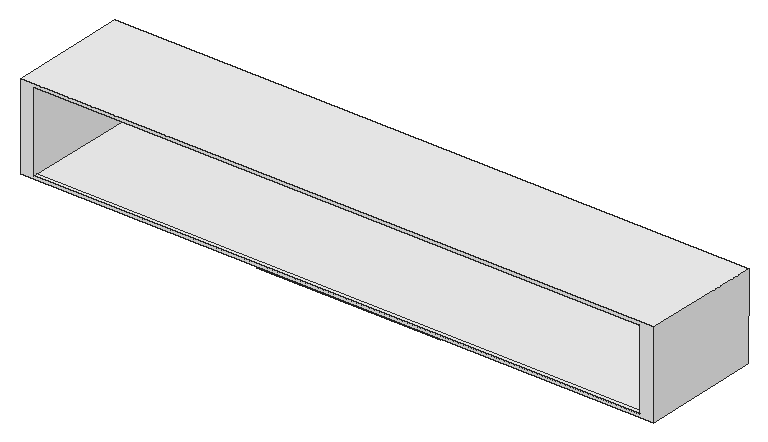
Revit family "MOD 3-W-ID", category Lighting Fixtures, host Face, Revit 2021
Family settings
  Host = Face
  Round Connector Dimension = Use Diameter
  Part Type = Normal
  OmniClass Number = 23.80.70.11.14.17
  OmniClass Title = Direct/Indirect
  Cut with Voids When Loaded = No
  Light Source = Yes
  Shared = Yes
  Room Calculation Point = No
Parameters (values of type "MOD3-W-ID-02")
  zz YesNo 2 = no
  zz YesNo 1 = yes
  Wattage = 9 W
  Warranty = "5-Years Warranty"  # constant formula
  built-in parameter 1150110 = 1 (stored number, unit not read)
  Voltage = 120 V
  Type Comments = "Lighting Fixture"  # constant formula
  built-in parameter 1114217 = 1 (stored number, unit not read)
  Tilt Angle = -90.00°
  built-in parameter 1150109 = 1 (stored number, unit not read)
  built-in parameter 1150134 = (empty or 0)
  built-in parameter 1150113 = 1 (stored number, unit not read)
  Product Page URL = ""
  Product Documentation Link = ""
  Power Factor = 1
  Photometric Web File = "3L-W-ID-LPA-4-SOF-X-CX-35K-I100-D100.IES"
  Photometric Notes = "More IES files download on Photometric Link"  # constant formula
  zz Length 1 = 2' - 0"
  Wattage Comments = "Variable Intensity technology provides specifiable lumen output/wattage"  # constant formula
  URL = "https://www.currentlighting.com/litecontrol"
  Mounting = "Wall-Mount"  # constant formula
  Model = "MOD 3 LED Wall Indirect/Direct\r"  # constant formula
  Manufacturer = "Litecontrol Lighting"  # constant formula
  built-in parameter 1150105 = 79.475 (stored number, unit not read)
  Lumens = 999 lm
  built-in parameter 1150115 = 1 (stored number, unit not read)
  Load Classification = Lighting
  built-in parameter 1150137 = (empty or 0)
  built-in parameter 1150139 = (empty or 0)
  built-in parameter 1150112 = 1 (stored number, unit not read)
  built-in parameter 1150114 = 1 (stored number, unit not read)
  Lamp = "LED"  # constant formula
  built-in parameter 1150132 = (empty or 0)
  built-in parameter 1150102 = (empty or 0)
  built-in parameter 1150107 = 3500 (stored number, unit not read)
  built-in parameter 1150138 = (empty or 0)
  built-in parameter 1150106 = 0.79475 (stored number, unit not read)
  Glass = Glass -  White
  Fixture Distribution = "Indirect/Direct\r\n Indirect/Direct"  # constant formula
  Emit from Rectangle Width = zz Length 1 - 0' 1"  # 1' - 11"
  Emit from Rectangle Length = 0' - 3"  # constant formula
  Emit Shape Visible in Rendering = no
  built-in parameter 1150104 = 10.312 (stored number, unit not read)
  Downlight Diffuser = "Blade Baffle/Soft Glow Lens/Regressed Diffuse Lens/Asymmetric Diffuser Lens"  # constant formula
  Dimming Lamp Color Temperature Shift = <None>
  Description = "The MODx family is an affordably-priced, full-featured offering with best-in-class attention to detail"  # constant formula
  Default Elevation = 4' - 0"
  Copyright = "Copyright ©  Litecontrol"  # constant formula
  Contact Us = ""
  Color Filter = 16777215
  built-in parameter 1114218 = 1 (stored number, unit not read)
  Housing Material = Paint -  Matte White
  built-in parameter 1150133 = 10 (stored number, unit not read)
  Assembly Code = "D5020200"
  Apparent Load = 0 VA
Types (7): name | zz YesNo 2 | zz YesNo 1 | zz Length 1 | Emit from Rectangle Width
  (no name) | no | yes | 2' - 0" | 1' - 11"
  MOD3-W-ID-04 | yes | no | 4' - 0" | 3' - 11"
  MOD3-W-ID-02 | no | yes | 2' - 0" | 1' - 11"
  MOD3-W-ID-03 | yes | no | 3' - 0" | 2' - 11"
  MOD3-W-ID-05 | yes | no | 5' - 0" | 4' - 11"
  MOD3-W-ID-06 | yes | no | 6' - 0" | 5' - 11"
  MOD3-W-ID-08 | no | yes | 8' - 0" | 7' - 11"
Reference planes (in)
  plane 1 "Center (Front/Back)": y = 13.01342
  plane 2: z = 0
  plane 3 "Center (Left/Right)": x = 0
Dimensions and locks (in)
  aligned and locked: plane 2 to host face
  aligned and locked: level to host face
  aligned and locked: plane 3 "Center (Left/Right)" to nested 1
  aligned and locked: nested 1 to plane 2
  aligned and locked: imposter light to plane 1 "Center (Front/Back)"
  aligned and locked: imposter light to nested 1
  aligned and locked: imposter light to plane 3 "Center (Left/Right)"
Nested families (in)
  nested 1: "3L-W" at (-0.01104, 15.26342, 2.02251) x (1, 0, 0) z (0, -1, 0), Glass <- "Glass", Backbox <- "Housing Material", Length <- "zz Length 1", type "3L-W"
    with Length 2' - 0", Glass Glass -  White, Backbox Paint -  Matte White, zz YesNo 2 no, zz YesNo 1 yes
Connectors (in)
  electrical at (0, 13.01342, 0.4375), driven by "Load Classification", driven by "Voltage", driven by "Apparent Load", driven by "Power Factor"
    settings: on nested 1, index 1, voltage 120 V, apparent load 0 VA, apparent load phase1 0 VA, apparent load phase2 0 VA, apparent load phase3 0 VA, power factor 1, load classification "Lighting", number of poles 1, system type 30, power factor state 1, is connector primary yes, connector utility no, sub classification motor no, connector description "Electrical Connector"
Definition of nested family "3L-W"
  Parameters
    zz YesNo 2 = yes
    zz YesNo 1 = no
    Wattage Comments = ""
    URL = ""
    Model = ""
    Manufacturer = ""
    Length [instance] = 6' - 0"
    Lamp = ""
    Glass [instance] = none
    Description = ""
    Default Elevation = 4' - 0"
    Backbox [instance] = none
  Reference planes (in)
    plane 1 "Center (Front/Back)": y = 0.03999
    plane 2: z = 0
    plane 3 "Center (Left/Right)": x = 0.01104
    plane 4: z = 4.5
    plane 5: z = 0.125
    plane 6: x = -35.98896
    plane 7: x = 36.01104
    plane 8: x = -35.48896
    plane 9: x = 35.51104
    plane 10: y = 1.53999
    plane 11: y = -1.46001
    plane 12: y = -1.58501
    plane 13: y = 1.66499
    plane 14: z = 0.5625
    plane 15: y = -2.02251
    plane 16: z = 4.375
    plane 17: x = -27.98896
    plane 18: x = -31.48896
    plane 19: x = -24.48896
    plane 20: x = 28.01104
    plane 21: x = 31.51104
    plane 22: x = 24.51104
    plane 23: x = -3.48896
    plane 24: x = 3.51104
    plane 25: z = 3.9375
  Forms (in)
    Extrusion 1, solid
      sketch origin (0, 0, 0.06357) x (1, 0, 0) y (0, 1, 0)
        loop
          line (-48, 48) -> (-48, -48) -> (48, -48) -> (48, 48) -> (-48, 48)
      from -0.06357 to -12.81105
    Extrusion 2, void
      sketch origin (-23.78896, 8.13374, 2) x (0, -1, 0) y (1, 0, 0)
        loop
          line (6.59375, -11.7) -> (9.59375, -11.7) -> (9.59375, 59.3) -> (6.59375, 59.3) -> (6.59375, -11.7)
      from 2.5 to -2
    Extrusion 3, solid, material <- "Backbox"
      sketch origin (0.01104, 0, 0) x (0, 1, 0) y (0, 0, 1)
        loop
          line (1.66499, 4.5) -> (-1.58501, 4.5) -> (-1.58501, 0) -> (1.66499, 0) -> (1.66499, 4.5)
      from -36 to 36
    Extrusion 4, solid, material <- "Glass"
      sketch origin (0, 0, 4.3125) x (0, -1, 0) y (1, 0, 0)
        loop
          line (-1.53999, -35.48896) -> (1.46001, -35.48896) -> (1.46001, 35.51104) -> (-1.53999, 35.51104) -> (-1.53999, -35.48896)
      from 0.0625 to 0.1875
    Extrusion 5, solid, material <- "Backbox", visible <- "zz YesNo 2"
      sketch origin (0.01104, 0, 0) x (0, 1, 0) y (0, 0, 1)
        loop
          line (-1.58501, 3.9375) -> (-2.02251, 3.9375) -> (-2.02251, 0.5625) -> (-1.58501, 0.5625) -> (-1.58501, 3.9375)
      from 24.5 to 31.5
    Extrusion 6, solid, material <- "Backbox", visible <- "zz YesNo 2"
      sketch origin (0.01104, 0, 0) x (0, 1, 0) y (0, 0, -1)
        loop
          line (-1.58501, -3.9375) -> (-1.58501, -0.5625) -> (-2.02251, -0.5625) -> (-2.02251, -3.9375) -> (-1.58501, -3.9375)
      from 24.5 to 31.5
    Extrusion 7, solid, material <- "Backbox", visible <- "zz YesNo 1"
      sketch origin (18.01104, 0, 0) x (0, 1, 0) y (0, 0, -1)
        loop
          line (-1.58501, -3.9375) -> (-1.58501, -0.5625) -> (-2.02251, -0.5625) -> (-2.02251, -3.9375) -> (-1.58501, -3.9375)
      from 14.5 to 21.5
    Extrusion 8, solid, material <- "Glass"
      sketch origin (0, 0, 0.1875) x (1, 0, 0) y (0, 1, 0)
        loop
          line (-35.48896, 1.53999) -> (-35.48896, -1.46001) -> (35.51104, -1.46001) -> (35.51104, 1.53999) -> (-35.48896, 1.53999)
      from -0.1875 to -0.0625
  Cuts and joins
    Extrusion 2 cuts Extrusion 3
  Dimensions and locks (in)
    "Length": plane 7 to plane 6
    locked: plane 8 to plane 6 at 0.5
    locked: plane 7 to plane 9 at 0.5
    equal spacing: plane 7, plane 3 "Center (Left/Right)", plane 6
    plane 4 to plane 2 = 0' - 4 1/2"
    plane 14 to plane 2 = 0' - 0 9/16"
    locked: plane 5 to plane 2 at 0.125
    locked: plane 4 to plane 16 at 0.125
    locked: plane 17 to plane 6 at 8
    plane 19 to plane 17 to plane 18 = 0' - 3 1/2" locked, 0' - 3 1/2" locked
    plane 21 to plane 20 to plane 22 = 0' - 3 1/2" locked, 0' - 3 1/2" locked
    plane 24 to plane 3 "Center (Left/Right)" to plane 23 = 0' - 3 1/2" locked, 0' - 3 1/2" locked
    locked: plane 20 to plane 7 at 8
    equal spacing: plane 10, plane 1 "Center (Front/Back)", plane 11, locked at 1.5 each
    locked: plane 13 to plane 10 at 0.125
    locked: plane 11 to plane 12 at 0.125
    locked: plane 13 to plane 15 at 3.6875
    aligned and locked: plane 2 to Extrusion 1
    aligned and locked: plane 10 to Extrusion 2 sketch curve
    aligned and locked: plane 11 to Extrusion 2 sketch curve
    aligned and locked: plane 4 to Extrusion 3 sketch curve
    aligned and locked: plane 13 to Extrusion 3 sketch curve
    aligned and locked: Extrusion 3 sketch curve to level
    aligned and locked: plane 12 to Extrusion 3 sketch curve
    aligned and locked: Extrusion 3 to plane 6
    aligned and locked: plane 7 to Extrusion 3
    aligned and locked: plane 9 to Extrusion 2
    aligned and locked: Extrusion 2 to plane 8
    aligned and locked: Extrusion 5 sketch curve to plane 14
    aligned and locked: Extrusion 5 to plane 14
    aligned and locked: Extrusion 5 to plane 21
    aligned and locked: Extrusion 5 to plane 22
    aligned and locked: Extrusion 6 to plane 18
    aligned and locked: Extrusion 6 to plane 19
    aligned and locked: Extrusion 7 to plane 23
    aligned and locked: Extrusion 7 to plane 24
    aligned and locked: plane 4 to Extrusion 4
    aligned and locked: plane 4 to Extrusion 2
    aligned and locked: plane 25 to Extrusion 6
    aligned and locked: plane 25 to Extrusion 7
    aligned and locked: plane 25 to Extrusion 5
    aligned and locked: Extrusion 4 to plane 16
    aligned and locked: Extrusion 5 to plane 12
    aligned and locked: plane 15 to Extrusion 5
    aligned and locked: Extrusion 2 to level
    aligned and locked: Extrusion 8 to level
    aligned and locked: plane 5 to Extrusion 8
  Automatic sketch dimensions
    Extrusion 1 sketch curve to Extrusion 1 sketch curve = 8' - 0"  (x2)
    Extrusion 2 sketch curve to plane 8 = 0' - 0"
    Extrusion 2 sketch curve to plane 9 = 0' - 0"
    Extrusion 4 sketch curve to plane 9 = 0' - 0"
    plane 10 to Extrusion 4 sketch curve = 0' - 0"
    Extrusion 4 sketch curve to plane 8 = 0' - 0"
    Extrusion 4 sketch curve to plane 11 = 0' - 0"
    Extrusion 5 sketch curve to plane 15 = 0' - 0"
    Extrusion 5 sketch curve to plane 12 = 0' - 0"
    Extrusion 5 sketch curve to plane 25 = 0' - 0"
    Extrusion 6 sketch curve to plane 15 = 0' - 0"
    Extrusion 6 sketch curve to plane 12 = 0' - 0"
    Extrusion 6 sketch curve to plane 25 = 0' - 0"
    Extrusion 6 sketch curve to plane 14 = 0' - 0"
    Extrusion 7 sketch curve to plane 15 = 0' - 0"
    Extrusion 7 sketch curve to plane 12 = 0' - 0"
    Extrusion 7 sketch curve to plane 25 = 0' - 0"
    Extrusion 7 sketch curve to plane 14 = 0' - 0"
    Extrusion 8 sketch curve to plane 8 = 0' - 0"
    Extrusion 8 sketch curve to plane 9 = 0' - 0"
    Extrusion 8 sketch curve to plane 11 = 0' - 0"
    plane 10 to Extrusion 8 sketch curve = 0' - 0"
